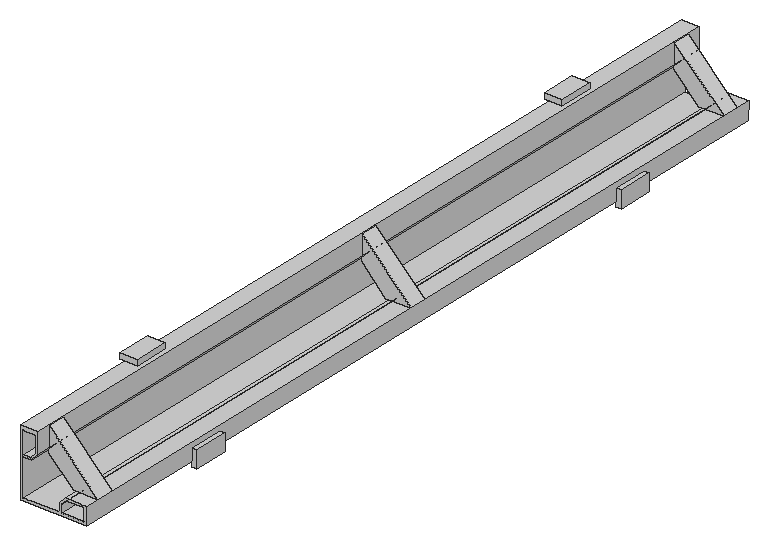
Revit family "LGW_OUTSIDE CORNER LGW 1,2_1923172", category Generic Models, Revit 2018
Family settings
  Can host rebar = No
  Round Connector Dimension = Use Diameter
  Part Type = Normal
  OmniClass Number = 35.51.14.00
  OmniClass Title = FORMWORK
  Work Plane-Based = Yes
  Always vertical = No
  Cut with Voids When Loaded = No
  Shared = Yes
  Room Calculation Point = No
Parameters
  VERSION = "20190101"  # constant formula
  URL = "www.ulmaconstruction.com/en"
  UNICLASS = ""
  ITEM_CODE = "1923172"
  Manufacturer = "ULMA CONSTRUCTION"  # constant formula
  FILTER [instance] = ""
  Default Elevation = 0.000 mm
  CLASSIFICATION_TITLE = ""
  CLASSIFICATION_NUMBER = ""
Reference planes
  plane 1 "Centro (Frontal/Posterior)": y = 0
  plane 2: z = 0
  plane 3 "Centro (Izquierda/Derecha)": x = 0
  plane 4 "ITEM_HEIGHT": y = 1200
Forms (mm)
  Extrusion 1, solid, material "ULMA ZINC"
    sketch origin (0, 0, 0) x (1, 0, 0) y (0, 0, 1)
      loop
        line (25, 96.5) -> (0, 96.5) -> (0, 0) -> (96.5, 0) -> (96.5, 25) -> (66.5, 25) -> (57.5, 16) -> (57.5, 4) -> (4, 4) -> (4, 57.5) -> (16, 57.5) -> (25, 66.5) -> (25, 96.5)
      loop
        line (4, 60) -> (14.964, 60) -> (22.5, 67.536) -> (22.5, 92.5) -> (4, 92.5) -> (4, 60)
      loop
        line (60, 14.964) -> (60, 4) -> (92.5, 4) -> (92.5, 22.5) -> (67.536, 22.5) -> (60, 14.964)
    from -1200 to 0
  Extrusion 2, solid, material "ULMA ZINC", detail levels fine
    sketch origin (0, 0, 0) x (1, 0, 0) y (0, 0, 1)
      loop
        line (61.145, 25) -> (96.5, 25) -> (25, 96.5) -> (25, 61.145) -> (61.145, 25)
    from -45 to -20
  Extrusion 3, solid, material "ULMA ZINC", detail levels fine
    sketch origin (0, 567.5, 0) x (1, 0, 0) y (0, 0, 1)
      loop
        line (61.145, 25) -> (96.5, 25) -> (25, 96.5) -> (25, 61.145) -> (61.145, 25)
    from -45 to -20
  Extrusion 4, solid, material "ULMA ZINC", detail levels fine
    sketch origin (0, 1047.5, 0) x (1, 0, 0) y (0, 0, 1)
      loop
        line (61.145, 25) -> (96.5, 25) -> (25, 96.5) -> (25, 61.145) -> (61.145, 25)
    from -132.5 to -107.5
  Extrusion 5, solid, material "ULMA ZINC", detail levels fine
    sketch origin (0, 0, 0) x (1, 0, 0) y (0, 0, 1)
      loop
        line (-7, 104.5) -> (-7, 96.5) -> (18, 96.5) -> (18, 104.5) -> (-7, 104.5)
      loop
        line (96.5, 18) -> (96.5, -7) -> (104.5, -7) -> (104.5, 18) -> (96.5, 18)
    from -240 to -190
  Extrusion 6, solid, material "ULMA ZINC", detail levels fine
    sketch origin (0, 830, 0) x (1, 0, 0) y (0, 0, 1)
      loop
        line (-7, 104.5) -> (-7, 96.5) -> (18, 96.5) -> (18, 104.5) -> (-7, 104.5)
      loop
        line (96.5, 18) -> (96.5, -7) -> (104.5, -7) -> (104.5, 18) -> (96.5, 18)
    from -180 to -130
Lines and regions (mm)
  model lines, style "ULMA PANELS", detail levels fine
    curve 1: circle (42, 300, 0) r 10 normal (0, 0, 1)
    curve 2: circle (42, 900, 0) r 10 normal (0, 0, 1)
    curve 3: circle (0, 300, 42) r 10 normal (1, 0, 0)
    curve 4: circle (0, 900, 42) r 10 normal (1, 0, 0)
    curve 5: circle (4, 300, 42) r 10 normal (1, 0, 0)
    curve 6: circle (4, 900, 42) r 10 normal (1, 0, 0)
    curve 7: circle (42, 300, 4) r 10 normal (0, 0, 1)
    curve 8: circle (42, 900, 4) r 10 normal (0, 0, 1)
Dimensions and locks
  aligned and locked: level to plane 2
